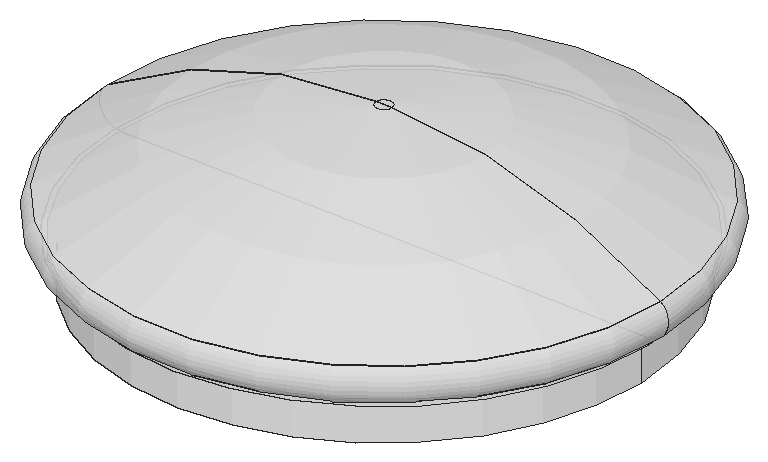
Revit family "0043113 Sylvania Lighting Fixture START ECO SURFACE IP44 2050LM 840", category Lighting Fixtures, host Face, Revit 2016
Family settings
  Host = Face
  Part Type = Normal
  Round Connector Dimension = Use Diameter
  OmniClass Number = 23.80.70.11.17
  OmniClass Title = Specialized Lighting by Location or Use
  Cut with Voids When Loaded = No
  Light Source = Yes
  Shared = No
  Room Calculation Point = No
Parameters (values of type "0043113 START ECO SURFACE IP44 2050LM 840")
  Weight = "kg"
  WarrantyStartDate [instance] = "n/a"
  WarrantyGuarantorParts = "n/a"
  WarrantyDurationUnit = "n/a"
  WarrantyDurationParts = "n/a"
  WarrantyDescription = "n/a"
  Voltage = 230 V
  TypeName = "START ECO SURFACE IP44 2050LM 840"
  SerialNumber [instance] = "n/a"
  Radius_FEILO = 180.0 mm
  Wattage = 24 W
  built-in parameter 1150110 = 1 (stored number, unit not read)
  URL = "http://www.sylvania-lighting.com"
  built-in parameter 1114217 = 1 (stored number, unit not read)
  Tilt Angle = -90°
  built-in parameter 1150109 = 1 (stored number, unit not read)
  built-in parameter 1150134 = 12
  built-in parameter 1150113 = 1 (stored number, unit not read)
  PowerFactor = 0.8
  PowerConsumption = "24 W"
  Photometric Web File = "0043113.ies"
  NominalWidth = 0.0 mm
  NominalLength = 360.0 mm
  NominalHeight = 100.0 mm
  Name = "START ECO SURFACE IP44 2050LM 840"
  ModelReference = "START ECO SURFACE IP44 2050LM 840"
  ModelNumber = "0043113"
  Material_4_FEILO = none
  Material_3_FEILO = Polycarbonate_Sylvania_Sylcircle_Opal
  Material_2_FEILO = Metal_Sylvania_Sylcircle_White
  Material_1_FEILO = none
  Material = "aluminium housing, polycarbonate diffuser"
  ManufacturerName = "Feilo Sylvania"
  LuminousEfficacy = "86 lm/W"
  LuminaireType = ""
  LightOutputRatio = "n/a"
  LampsType = Lamp  # "LED"
  LampNominalLuminous = "2060 lm"
  LampMacAdamStep = "6"
  LampColourTemperature = "4000 K"
  LampColourRenderingIndex = "80"
  Keynote = "16500"
  InstallationDate [instance] = "n/a"
  InputVoltage = "220-240V~"
  InputNominalFrequency = "50 Hz"
  IngressProtection = "IP44"
  ImpactProtectionIndex = "IK03"
  IfcExportType = "IfcLightFixtureType"
  IfcExportAs = "IfcLightFixtureType"
  Height_FEILO = 100.0 mm
  ExpectedLife = 50000
  ElectricShockClassification = "Class I"
  DurationUnit = "hours"
  DocumentationLiterature = "http://www.sylvania-lighting.com/product/en-int/products/0043113"
  DimmingControlOptions = "Non dimmable"
  Diameter_FEILO = 2 * Radius_FEILO  # 360.0 mm
  CreatedOn = "8/8/2018"
  CreatedBy = "@sylvania-lighting.com"
  built-in parameter 1114216 [instance] = 1 (stored number, unit not read)
  Model = "START ECO SURFACE IP44 2050LM 840"
  Manufacturer = "Feilo Sylvania"
  built-in parameter 1150105 = 506.48 (stored number, unit not read)
  Lumens = 2064 lm
  built-in parameter 1150115 = 1 (stored number, unit not read)
  built-in parameter 1150137 = (empty or 0)
  built-in parameter 1150139 = (empty or 0)
  built-in parameter 1150112 = 1 (stored number, unit not read)
  built-in parameter 1150114 = 1 (stored number, unit not read)
  Lamp = "LED"
  built-in parameter 1150132 = 2
  built-in parameter 1150102 = (empty or 0)
  built-in parameter 1150107 = 4000 (stored number, unit not read)
  built-in parameter 1150138 = (empty or 0)
  built-in parameter 1150106 = 5.0648 (stored number, unit not read)
  built-in parameter 1150104 = 7.9897 (stored number, unit not read)
  Dimming Lamp Color Temperature Shift = <None>
  Description = "Ceiling / wall luminaire with integrated LED  Perfect solution for hallways, circulation spaces or foyer.   Even and uniform light distribution with a halo lighting effect on the wall surface    24W 2060 lumens Supplied with LED driver (non-dimmable)    IK03 PMMA diffuser   Low maintenance with 30,000 hours LED life expectancy"
  Default Elevation = 0.0 mm
  Color Filter = 16777215
  built-in parameter 1140040 [instance] = 1
  BarCode [instance] = "n/a"
  built-in parameter 1114218 = 1 (stored number, unit not read)
  built-in parameter 1150133 = 10 (stored number, unit not read)
  AssetType = "Fixed"
  AssetIdentifier [instance] = "n/a"
  Assembly Code = "D5020200"
  Apparent Load = 24 VA
Reference planes
  plane 1 "Center (Front/Back)": y = 0
  plane 2: z = 0
  plane 3 "Center (Left/Right)": x = 0
  plane 4: x = 180
  plane 5: z = 23
  plane 6 "Housing Bottom": z = 27
  plane 7: z = 50
  plane 8 "Fixture Bottom": z = 100
  plane 9: x = 175
  plane 10: x = 170
  plane 11: x = 167
  plane 12: x = 163
Forms (mm)
  Revolve 1, solid, material "Polycarbonate_Sylvania_Sylcircle_Opal" <- "Material_3_FEILO", detail levels fine
    sketch origin (0, 0, 0) x (1, 0, 0) y (0, 0, 1)
      loop
        line (0, 100) -> (0, 27) -> (169.962, 27)
        arc (169.962, 27) -> (179.736, 36.911) -> (175, 50) r 13.044
        arc (175, 50) -> (93.6, 87.241) -> (5, 100) r 314
        line (5, 100) -> (0, 100)
      axis (0, 100) -> (0, 27)
    angle from 0 to 360
  Revolve 2, solid, material "Metal_Sylvania_Sylcircle_White" <- "Material_2_FEILO", detail levels fine
    sketch origin (0, 0, 0) x (1, 0, 0) y (0, 0, 1)
      loop
        line (167, 27) -> (0, 27) -> (0, 0) -> (163, 0) -> (163, 23) -> (167, 23) -> (167, 27)
      axis (0, 27) -> (0, 0)
    angle from 0 to 360
  Revolve 3, solid, material "Metal_Sylvania_Sylcircle_White" <- "Material_2_FEILO", detail levels coarse+medium
    sketch origin (0, 0, 0) x (1, 0, 0) y (0, 0, 1)
      loop
        line (0, 100) -> (0, 0) -> (163, 0) -> (163, 23) -> (167, 23) -> (167, 27) -> (169.962, 27)
        arc (169.962, 27) -> (179.736, 36.911) -> (175, 50) r 13.044
        arc (175, 50) -> (93.6, 87.241) -> (5, 100) r 314
        line (5, 100) -> (0, 100)
      axis (0, 100) -> (0, 0)
    angle from 0 to 360
Dimensions and locks
  "Height_FEILO": plane 8 "Fixture Bottom" to plane 2
  "Radius_FEILO": plane 4 to plane 3 "Center (Left/Right)"
  plane 6 "Housing Bottom" to plane 5 to plane 2 = 4.0 mm locked, 23.0 mm locked
  plane 4 to plane 9 to plane 10 to plane 11 to plane 12 = 5.0 mm locked, 5.0 mm locked, 3.0 mm locked, 4.0 mm locked
  aligned and locked: plane 2 to host face
  aligned and locked: level to host face
  aligned and locked: plane 1 "Center (Front/Back)" to imposter light
  aligned and locked: plane 3 "Center (Left/Right)" to imposter light
  aligned and locked: Revolve 1 sketch curve to plane 3 "Center (Left/Right)"
  aligned and locked: plane 6 "Housing Bottom" to Revolve 1 sketch curve  (x2)
  aligned and locked: Revolve 1 sketch curve to plane 8 "Fixture Bottom"
  aligned and locked: plane 9 to Revolve 1 sketch curve
  aligned and locked: Revolve 2 sketch curve to plane 6 "Housing Bottom"
  aligned and locked: Revolve 2 sketch curve to plane 11
  aligned and locked: Revolve 2 sketch curve to plane 5
  aligned and locked: Revolve 2 sketch curve to plane 12
  aligned and locked: Revolve 2 sketch curve to plane 2
  aligned and locked: Revolve 2 sketch curve to plane 3 "Center (Left/Right)"  (x2)
  aligned and locked: plane 8 "Fixture Bottom" to imposter light
  aligned and locked: plane 9 to Revolve 3 sketch curve
  aligned and locked: plane 6 "Housing Bottom" to Revolve 3 sketch curve
  aligned and locked: plane 7 to Revolve 3 sketch curve
  aligned and locked: Revolve 3 sketch curve to imposter light
  aligned and locked: Revolve 3 sketch curve to plane 11
  aligned and locked: Revolve 3 sketch curve to plane 2
  aligned and locked: Revolve 3 sketch curve to plane 5
  aligned and locked: Revolve 3 sketch curve to plane 12
Automatic sketch dimensions
  host sketch curve to host sketch curve = 1305.563 mm
  host sketch curve to host sketch curve = 1283.632 mm
  Revolve 1 sketch curve to plane 3 "Center (Left/Right)" = 0.0 mm
  Revolve 1 sketch curve to plane 7 = 0.0 mm
  Revolve 1 sketch curve to plane 10 = 0.038 mm
  plane 3 "Center (Left/Right)" to Revolve 1 sketch curve = 5.0 mm
  Revolve 1 sketch curve to plane 10 = 3.007 mm
  Revolve 1 sketch curve to Revolve 1 sketch curve = 234.06 mm
  Revolve 1 sketch curve to Revolve 1 sketch curve = 2559.943 mm
  Revolve 2 sketch curve to level = 372.274 mm
  plane 8 "Fixture Bottom" to Revolve 2 sketch curve = 2559.943 mm
  Revolve 3 sketch curve to plane 3 "Center (Left/Right)" = 0.0 mm  (x2)
  plane 3 "Center (Left/Right)" to Revolve 3 sketch curve = 5.0 mm
  Revolve 3 sketch curve to plane 10 = 0.038 mm
  Revolve 3 sketch curve to plane 11 = 0.007 mm
  Revolve 3 sketch curve to Revolve 3 sketch curve = 234.06 mm
  Revolve 3 sketch curve to Revolve 3 sketch curve = 2559.943 mm
Connectors
  electrical at (0, 0, 0), driven by "Apparent Load", driven by "Voltage", driven by "PowerFactor"
    settings: on Revolve 2, index 1, voltage 230 V, apparent load 0 VA, apparent load phase1 24 VA, apparent load phase2 0 VA, apparent load phase3 0 VA, power factor 0.8, load classification "Lighting", number of poles 1, system type 31, power factor state 1, is connector primary yes, connector utility no, sub classification motor no, connector description ""
